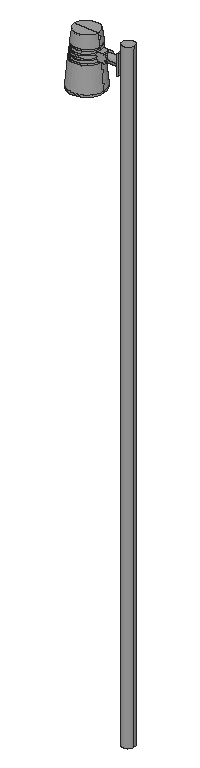
Revit family "Wax - Generic", category Lighting Fixtures, Revit 2014
Parameters (values of type "Wax")
  Wattage Comments = ""
  WarrantyGuarantorParts = "n/a"
  WarrantyDurationParts = "n/a"
  WarrantyDescription = "n/a"
  Visible [instance] = yes
  Version = "v.1.0"
  Uniclass2 = "Pr_70_70_49_43 Light-Emitting Diode (LED) Luminaires"
  Uniclass 1.4 = "JY73"
  URL = "http://riegens.com/wax"
  Type Mark = ""
  TotalWattage = "Max.  "
  Tilt Angle = 90.00°
  TagNumber = "n/a"
  Switch ID [instance] = ""
  SustainabilityPerformance = "n/a"
  SupplyCircuitConductorConnections = "n/a"
  Spot Field Angle = 90.00°
  Spot Beam Angle = 90.00°
  Size = "Ø174 mm"
  Shape = "Circle"
  ProductInformation = "http://riegens.com/wax"
  PhotometricPerformance = "In accordance with BS EN 13032-1"
  PhaseReference = "IEC recommendations"
  Panel [instance] = ""
  Optic = "Satin matt reflector, clear front glass and light distributions; Super narrow, narrow, flood and wide flood (tilt head)"
  OmniClass Title = "Lighting"
  OmniClass Number = "23.80.70.00"
  Offset from floor = 3165 mm
  NominalVoltage = "220-240V"
  Moves With Nearby Elements [instance] = no
  ModelReference = "Wax"
  Model = "Wax"
  Material = "Aluminium and glass"
  Mark [instance] = "1"
  ManufacturersSpecificInformation = "n/a"
  ManufacturerURL = "www.riegens.com"
  Manufacturer = "Riegens A/S"
  LuminaireType = "Outdoor Direct LED Luminaire"
  LuminairePowerFactor = ">0,9"
  LightSource = "LED 3000K / 4000K"
  LightFixturePlacingType = "Pole "
  LightFixtureMountingType = "Pole_side"
  Light Source Definition (family) = "Point+Spot"
  LampType = "LED"
  LampColourRenderingIndex = "Ra>80"
  Lamp = ""
  InternalFuse = "Only required in emergency versions"
  InsulationStandardClass = "Class 2"
  IfcExportType = "NOTDEFINED'"
  IfcExportAs = "IfcLightFixtureType'"
  IP_Code = "IP65"
  Host [instance] = "None"
  Height 1 = 265 mm
  HasProtectiveEarth = "TRUE"
  Grade = "n/a"
  Finish = "Powder coated"
  Features = "n/a"
  Electrical Data [instance] = ""
  Documentation = "See URL hyperlink"
  DocumentReference = "See URL hyperlink"
  Diameter 2 = 174 mm
  Diameter 1 = 120 mm
  Description = "70-80-35 General Lighting Systems"
  ControlGearPosition = "Integrated "
  Constituents = "n/a"
  Comments [instance] = ""
  Colour = "Grey / black"
  built-in parameter 1114216 [instance] = (empty or 0)
  CodePerformance = "n/a"
  Circuit Number [instance] = ""
  built-in parameter 1140040 [instance] = (empty or 0)
  CCSTopnode = "L"
  CCSClassName = "Belysningsarmatur"
  CCSClassCode = "UAC"
  BarCode = "n/a"
  BallastsCELMAEnergyEfficiencyIndex = "Class A1/A2"
  BSAB 96 = "SNB.2"
  BIMObjectName = "Wax.rfa"
  Author = "3dbyggeri"
  AssetType = "Moveable/Fixed"
  AssetIdentifier = "n/a"
  Assembly Description = ""
  Assembly Code = ""
  ArticleNumber = "See URL hyperlink"
  Apparent Load = 240 VA
  AccessibilityPerformance = "n/a"
Reference planes
  plane 1 "Center (Front/Back)": y = 0
  plane 2: z = 0
  plane 3 "Center (Left/Right)": x = 0
Dimensions and locks
  aligned and locked: level to plane 2
Nested families
  nested 1: "Wax-Dummy" at (0, 0, 0), type "Standard"
Definition of nested family "Wax-Dummy"
  Parameters (values of type "Standard")
    Wattage = 0 W
    built-in parameter 1150110 = 1 (stored number, unit not read)
    URL = ""
    built-in parameter 1114217 = 1 (stored number, unit not read)
    Tilt Angle = 90.00°
    built-in parameter 1150109 = 1 (stored number, unit not read)
    built-in parameter 1150134 = 12
    built-in parameter 1150113 = 1 (stored number, unit not read)
    PhotometricPerformance = "In accordance with BS EN 13032-1"
    Photometric Web File = "generic"
    Optic = "Satin matt reflector, clear front glass and light distributions; Super narrow, narrow, flood and wide flood (tilt head)"
    Offset from floor = 3165 mm
    built-in parameter 1150142 = (empty or 0)
    Model = ""
    Material = "Aluminium and glass"
    Manufacturer = ""
    Lumens = 0 lm
    built-in parameter 1150115 = 1 (stored number, unit not read)
    built-in parameter 1150105 = (empty or 0)
    LightSource = "LED 3000K / 4000K"
    built-in parameter 1150137 = (empty or 0)
    built-in parameter 1150139 = (empty or 0)
    LampColourRenderingIndex = "Ra>80"
    built-in parameter 1150112 = 1 (stored number, unit not read)
    built-in parameter 1150114 = 1 (stored number, unit not read)
    built-in parameter 1150132 = 2
    built-in parameter 1150102 = (empty or 0)
    built-in parameter 1150138 = (empty or 0)
    built-in parameter 1150107 = 4000 (stored number, unit not read)
    built-in parameter 1150106 = (empty or 0)
    Height 1 = 265 mm
    Frame = Riegens_Aluminum_powder coated grey
    Finish = "Powder coated"
    built-in parameter 1150104 = 13.8 (stored number, unit not read)
    Dimming Lamp Color Temperature Shift = (empty or 0)
    Diameter 2 = 174 mm
    Diameter 1 = 120 mm
    Description = ""
    Colour = "Grey / black"
    Color Filter = 16777215
    built-in parameter 1114218 = 1 (stored number, unit not read)
    built-in parameter 1150133 = 10 (stored number, unit not read)
    Apparent Load = 240 VA
  Reference planes
    plane 1 "Light Source Axis (F/B)": y = 0
    plane 2: z = 0
    plane 3 "Light Source Axis (L/R)": x = 0
    plane 4 "Light Source Elevation": z = 2913.158
    plane 5: z = 3165
    plane 6: z = 2900
    plane 7: x = -59.928
    plane 8 "Backside": x = 60.072
    plane 9: x = 86.812
    plane 10: x = -87.188
    plane 11: z = 3090
    plane 12: z = 3050
    plane 13: z = 3120
    plane 14: z = 3020
    plane 15: x = 64.948
    plane 16: x = -65.298
    plane 17: x = 170
    plane 18: x = 180
    plane 19: y = -25
    plane 20: y = 25
    plane 21: x = 100
    plane 22: z = 3070
    plane 23: y = -22
    plane 24: y = 22
    plane 25: z = 3145
    plane 26: y = 0
  Forms (mm)
    Revolve 1, solid, material "Riegens_Aluminum_powder coated grey" <- "Frame"
      sketch origin (0, 0, 0) x (1, 0, 0) y (0, 0, 1)
        loop
          line (0, 3165) -> (0, 2950) -> (65.135, 2950) -> (65.135, 2901.513) -> (66.937, 2900) -> (86.812, 2900) -> (86.812, 2909.964) -> (73.736, 3035) -> (70.746, 3035) -> (69.695, 3045) -> (72.685, 3045) -> (71.611, 3055.219) -> (68.611, 3055.219) -> (67.566, 3065.164) -> (70.566, 3065.164) -> (69.52, 3075.11) -> (66.52, 3075.11) -> (65.475, 3085.055) -> (68.475, 3085.055) -> (67.43, 3095) -> (64.44, 3095) -> (63.389, 3105) -> (66.379, 3105) -> (60.072, 3165) -> (0, 3165)
        axis (0, 2900) -> (0, 3165)
      angle from 0 to 360
    Extrusion 2, solid, material "Riegens_Glass_opal"
      sketch origin (0, 0, 0) x (1, 0, 0) y (0, 1, 0)
        loop
          circle (0, 0) r 64.928
      from 2900 to 2913.158
    Extrusion 3, solid, material "Riegens_Aluminum_powder coated grey" <- "Frame"
      sketch origin (0, 0, 0) x (1, 0, 0) y (0, 0, 1)
        loop
          line (170, 3120) -> (170, 3020) -> (180, 3020) -> (180, 3120) -> (170, 3120)
      from -25 to 25
    Extrusion 4, solid, material "Riegens_Aluminum_powder coated grey" <- "Frame"
      sketch origin (0, 0, 0) x (0, 1, 0) y (0, 0, 1)
        loop
          circle (0, 3070) r 20
      from 100 to 170
    Extrusion 5, solid, material "Riegens_Aluminum_powder coated grey" <- "Frame"
      sketch origin (0, 0, 0) x (1, 0, 0) y (0, 0, 1)
        loop
          arc (100, 3050) -> (120, 3070) -> (100, 3090) r 20
          line (100, 3090) -> (0, 3090) -> (0, 3050) -> (100, 3050)
      from -22 to 22
    Extrusion 6, solid
      sketch origin (0, 0, 0) x (0, 1, 0) y (0, 0, 1)
        loop
          circle (0, 3145) r 5
      from 59.948 to 64.948
  Dimensions and locks
    "Height 1": plane 5 to plane 6
    "Diameter 1": plane 8 "Backside" to plane 7
    plane 8 "Backside" to imposter light to plane 7 = 60.072 mm, 59.928 mm locked
    "Diameter 2": plane 9 to plane 10
    plane 9 to imposter light to plane 10 = 86.812 mm locked, 87.188 mm
    locked: plane 5 to plane 13 at 45
    locked: plane 5 to plane 11 at 75
    locked: plane 5 to plane 12 at 115
    locked: plane 5 to plane 14 at 145
    locked: plane 9 to plane 15 at 21.865
    locked: plane 16 to plane 10 at 21.889
    plane 18 to plane 17 to imposter light = 10 mm locked, 170 mm locked
    plane 20 to plane 19 = 50 mm
    plane 20 to plane 1 "Light Source Axis (F/B)" to plane 19 = 25 mm locked, 25 mm locked
    locked: plane 18 to plane 21 at 80
    locked: plane 11 to plane 22 at 20
    plane 24 to plane 1 "Light Source Axis (F/B)" to plane 23 = 22 mm locked, 22 mm locked
    plane 5 to plane 2 = 3165 mm
    locked: plane 4 "Light Source Elevation" to plane 6 at 13.158
    locked: plane 5 to plane 25 at 20
    aligned and locked: plane 3 "Light Source Axis (L/R)" to imposter light
    aligned and locked: imposter light to plane 1 "Light Source Axis (F/B)"
    aligned and locked: plane 4 "Light Source Elevation" to imposter light
    aligned and locked: level to plane 2
    aligned and locked: imposter light to Revolve 1 sketch curve
    aligned and locked: Revolve 1 sketch curve to plane 6
    aligned and locked: Revolve 1 sketch curve to plane 5
    aligned and locked: Extrusion 2 to plane 6
    aligned and locked: Extrusion 2 to plane 4 "Light Source Elevation"
    aligned and locked: plane 14 to Extrusion 3 sketch curve
    aligned and locked: Extrusion 3 sketch curve to plane 13
    aligned and locked: plane 17 to Extrusion 3 sketch curve
    aligned and locked: Extrusion 3 sketch curve to plane 18
    aligned and locked: Extrusion 3 to plane 20
    aligned and locked: plane 19 to Extrusion 3
    aligned and locked: plane 17 to Extrusion 4
    aligned and locked: Extrusion 4 to plane 21
    aligned and locked: plane 3 "Light Source Axis (L/R)" to Extrusion 5 sketch curve
    aligned and locked: plane 12 to Extrusion 5 sketch curve
    aligned and locked: Extrusion 5 sketch curve to plane 11
    aligned and locked: Extrusion 5 to plane 24
    aligned and locked: plane 23 to Extrusion 5
    aligned and locked: plane 15 to Extrusion 6
  Automatic sketch dimensions
    Revolve 1 sketch curve to plane 3 "Light Source Axis (L/R)" = 0 mm
    Revolve 1 sketch curve to plane 8 "Backside" = 0 mm
    Revolve 1 sketch curve to plane 9 = 0 mm
    plane 8 "Backside" to Revolve 1 sketch curve = 3.316 mm
    plane 8 "Backside" to Revolve 1 sketch curve = 4.367 mm
    plane 8 "Backside" to Revolve 1 sketch curve = 5.062 mm
    plane 8 "Backside" to Revolve 1 sketch curve = 5.403 mm
    Revolve 1 sketch curve to Revolve 1 sketch curve = 2.99 mm  (x4)
    plane 8 "Backside" to Revolve 1 sketch curve = 6.448 mm
    Revolve 1 sketch curve to Revolve 1 sketch curve = 1.803 mm
    plane 8 "Backside" to Revolve 1 sketch curve = 7.493 mm
    Revolve 1 sketch curve to Revolve 1 sketch curve = 3 mm  (x4)
    plane 8 "Backside" to Revolve 1 sketch curve = 8.538 mm
    plane 8 "Backside" to Revolve 1 sketch curve = 9.623 mm
    Revolve 1 sketch curve to Revolve 1 sketch curve = 1.051 mm
    Revolve 1 sketch curve to plane 12 = 5 mm
    Revolve 1 sketch curve to plane 6 = 1.513 mm
    plane 4 "Light Source Elevation" to Revolve 1 sketch curve = 3.195 mm
    Revolve 1 sketch curve to plane 4 "Light Source Elevation" = 36.842 mm
    Revolve 1 sketch curve to Revolve 1 sketch curve = 10 mm  (x2)
    plane 12 to Revolve 1 sketch curve = 5.219 mm
    Revolve 1 sketch curve to Revolve 1 sketch curve = 9.945 mm  (x2)
    Revolve 1 sketch curve to plane 11 = 4.945 mm
    plane 11 to Revolve 1 sketch curve = 5 mm
    plane 6 to Revolve 1 sketch curve = 160 mm
    plane 5 to Revolve 1 sketch curve = 165 mm
    plane 1 "Light Source Axis (F/B)" to Extrusion 2 sketch curve = 0 mm
    Extrusion 2 sketch curve to plane 3 "Light Source Axis (L/R)" = 0 mm
    Extrusion 4 sketch curve to plane 1 "Light Source Axis (F/B)" = 0 mm
    Extrusion 4 sketch curve to plane 22 = 0 mm
    Extrusion 5 sketch curve to plane 21 = 0 mm
    Extrusion 6 sketch curve to plane 1 "Light Source Axis (F/B)" = 0 mm
    Extrusion 6 sketch curve to plane 25 = 0 mm
    radius of Extrusion 2 sketch curve = 64.928 mm
    radius of Extrusion 4 sketch curve = 20 mm
    radius of Extrusion 6 sketch curve = 5 mm
  Nested families
    nested 1: "Mast" at (210, 0, 0), type "Mast"
      with Offset from floor 3165 mm
  Connectors
    electrical at (64.948, 0, 3145)
      settings: on Extrusion 6, index 1, voltage 0 V, apparent load 0 VA, apparent load phase1 0 VA, apparent load phase2 0 VA, apparent load phase3 0 VA, power factor 1, load classification "Other", number of poles 1, system type 31, power factor state 1, is connector primary yes, connector utility no, sub classification motor no, connector description ""
  Definition of nested family "Mast"
    Parameters (values of type "Mast")
      Offset from floor = 3200 mm
      Frame = Riegens_Aluminum_powder coated grey
      Diameter 1 = 60 mm
    Reference planes
      plane 1 "Center (Front/Back)": y = 0
      plane 2: z = 0
      plane 3 "Center (Left/Right)": x = 0
      plane 4: y = 60
      plane 5: y = -60
      plane 6: x = -60
      plane 7: x = 60
    Forms (mm)
      Extrusion 1, solid, material "Riegens_Aluminum_powder coated grey"
        sketch origin (0.006, 0.002, 0) x (1, 0, 0) y (0, 1, 0)
          loop
            circle (0, 0) r 30
        from 0 to 3200
    Dimensions and locks
      "Offset from floor": Extrusion 1 to level
      "Diameter 1": diameter of Extrusion 1
      aligned and locked: level to plane 2
      aligned and locked: Extrusion 1 to level
